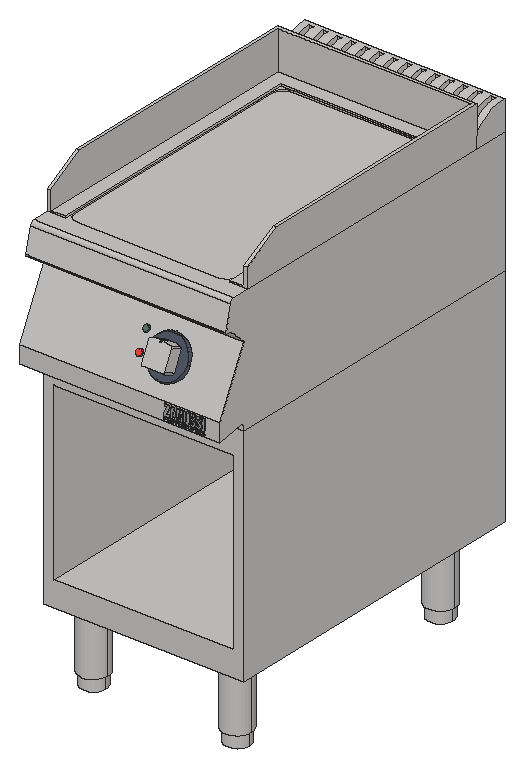
Revit family "QF_ZANUSSI_372348_Z7IIKDBLMCA", category Specialty Equipment, Revit 2018
Family settings
  Round Connector Dimension = Use Diameter
  Part Type = Normal
  Work Plane-Based = No
  Always vertical = Yes
  Cut with Voids When Loaded = No
  Shared = No
  Room Calculation Point = No
Parameters (values of type "Standard")
  Weight = 50.00 kg
  Watts = 0 W
  Volts = 400 V
  URL Manufacturer = "http://www.zanussiprofessional.com"
  URL = "http://www.zanussiprofessional.com"
  Steam Supply Size = 0"
  Steam Supply Minimum Pressure = 0.00 psi
  Steam Supply Maximum Pressure = 0.00 psi
  Steam Pounds per Hour = 0
  Show Logo [instance] = yes
  Show Clearance [instance] = yes
  Refrigeration Suction Line Size = 0"
  Refrigeration Liquid Line Size = 0"
  Refrigerant Compressor Remote = yes
  Phase = 3
  Model = "Z7IIKDBLMCA"
  Manufacturer = "Zanussi"
  Length Actual = 400.00 mm  # constant formula
  Item Number = "372348"
  Hot Water Size = 0"
  Height Actual = 850.00 mm  # constant formula
  HP = "5.6 HP"
  Gas Size = 0"
  Gas KW = 0
  Gas Input Pressure = 0.0 Btu/h
  Direct Waste Size = 0"
  Description = "ELECTRIC FRY TOP-SMOOTH PLATE+OPEN BASE 400MM-BRUSHED CHROME"
  Depth Actual = 700.00 mm  # constant formula
  Cycle = 60 Hz
  Condensate Return Size = 0"
  Compressed Air Volume = 0 GPM
  Compressed Air Size = 0"
  Compressed Air Pressure = 0.00 psi
  Cold Water Size = 0"
  Assembly Code = ""
  Accessory = yes
Reference planes
  plane 1 "BACK": y = 0
  plane 2: z = 0
  plane 3 "LEFT": x = 0
  plane 4 "RIGHT": x = 400
  plane 5 "FRONT": y = -715
  plane 6 "TOP": z = 288.925
  plane 7 "Center Y": x = 200
  plane 8 "Center X": y = -357.5
  plane 9 "BASE": z = 600
  plane 10 "TOP A": z = 850
  plane 11: y = -597.884
  plane 12: y = -147.637
  plane 13: z = 930
  plane 14: through (-6096, -715, 65.146) normal (0, 0.8956, -0.4448)
  plane 15 "panel": through (-6096, -655.161, 185.641) normal (0, -0.8956, 0.4448)
  plane 16: z = 850
Forms (mm)
  Extrusion 1, solid, material "QF_Finishes_Stainless Steel"
    sketch origin (0, 0, 576) x (0, 1, 0) y (0, 0, 1)
      loop
        line (0, 24) -> (0, 273) -> (-679.358, 273)
        arc (-679.358, 273) -> (-684.643, 270.811) -> (-686.833, 265.526) r 7.474
        line (-686.833, 265.526) -> (-699.884, 220.011)
        arc (-699.884, 220.011) -> (-699.396, 217.379) -> (-697, 216.184) r 3
        line (-697, 216.184) -> (-686.802, 216.184) -> (-654.982, 184.364) -> (-715, 64.508) -> (-715, 29.508) -> (-658.645, 37.428)
        arc (-658.645, 37.428) -> (-656.101, 36.674) -> (-655, 34.259) r 3.2
        line (-655, 34.259) -> (-655, 24) -> (0, 24)
    from 0 to 400
  Extrusion 2, void
    sketch origin (0, -2.381, 850) x (-1, 0, 0) y (0, -1, 0)
      loop
        arc (-60.425, 102.504) -> (-42.464, 109.943) -> (-35.025, 127.904) r 25.4
        line (-35.025, 127.904) -> (-35.025, 617.104)
        arc (-35.025, 617.104) -> (-42.464, 635.064) -> (-60.425, 642.504) r 25.4
        line (-60.425, 642.504) -> (-339.575, 642.504)
        arc (-339.575, 642.504) -> (-357.536, 635.064) -> (-364.975, 617.104) r 25.4
        line (-364.975, 617.104) -> (-364.975, 127.904)
        arc (-364.975, 127.904) -> (-357.536, 109.943) -> (-339.575, 102.504) r 25.4
        line (-339.575, 102.504) -> (-60.425, 102.504)
    from 0 to -3.2
  Extrusion 3, solid, material "QF_Finishes_Clearance", visible <- "Show Clearance", detail levels coarse
    sketch origin (0, 0, 575) x (1, 0, 0) y (0, 1, 0)
      loop
        line (0, -715) -> (0, 0) -> (400, 0) -> (400, -715) -> (500, -715) -> (500, 100) -> (-100, 100) -> (-100, -715) -> (0, -715)
    from -575 to 355
  Extrusion 4, solid, material "QF_Finishes_Stainless Steel"
    sketch origin (0, 0, 576) x (0, 1, 0) y (0, 0, 1)
      loop
        line (0, 274) -> (0, 333.13)
        arc (0, 333.13) -> (-38.824, 324.814) -> (-69.85, 300.038) r 86.548
        line (-69.85, 300.038) -> (-69.85, 274) -> (0, 274)
    from 0 to 400.05
  Extrusion 5, void
    sketch origin (0, 0, 850.638) x (-1, 0, 0) y (0, -1, 0)
      loop
        line (-13.453, 6.761) -> (-13.453, 63.911) -> (-22.749, 63.911) -> (-22.749, 6.761) -> (-13.453, 6.761)
    from 25.4 to 63.5
  Extrusion 6, void
    sketch origin (400.05, 0, 850.638) x (1, 0, 0) y (0, 1, 0)
      loop
        line (-13.503, -6.761) -> (-22.799, -6.761) -> (-22.799, -63.911) -> (-13.503, -63.911) -> (-13.503, -6.761)
    from 25.4 to 63.5
  Extrusion 7, void
    sketch origin (27.988, 0, 850.638) x (-1, 0, 0) y (0, -1, 0)
      loop
        line (-13.453, 6.761) -> (-13.453, 63.911) -> (-22.749, 63.911) -> (-22.749, 6.761) -> (-13.453, 6.761)
    from 25.4 to 63.5
  Extrusion 8, void
    sketch origin (55.977, 0, 850.638) x (-1, 0, 0) y (0, -1, 0)
      loop
        line (-13.453, 6.761) -> (-13.453, 63.911) -> (-22.749, 63.911) -> (-22.749, 6.761) -> (-13.453, 6.761)
    from 25.4 to 63.5
  Extrusion 9, void
    sketch origin (83.965, 0, 850.638) x (-1, 0, 0) y (0, -1, 0)
      loop
        line (-13.428, 6.761) -> (-13.428, 63.911) -> (-22.724, 63.911) -> (-22.724, 6.761) -> (-13.428, 6.761)
    from 25.4 to 63.5
  Extrusion 10, void
    sketch origin (111.953, 0, 850.638) x (-1, 0, 0) y (0, -1, 0)
      loop
        line (-13.428, 6.761) -> (-13.428, 63.911) -> (-22.724, 63.911) -> (-22.724, 6.761) -> (-13.428, 6.761)
    from 25.4 to 63.5
  Extrusion 11, void
    sketch origin (139.942, 0, 850.638) x (-1, 0, 0) y (0, -1, 0)
      loop
        line (-13.428, 6.761) -> (-13.428, 63.911) -> (-22.724, 63.911) -> (-22.724, 6.761) -> (-13.428, 6.761)
    from 25.4 to 63.5
  Extrusion 12, void
    sketch origin (167.93, 0, 850.638) x (-1, 0, 0) y (0, -1, 0)
      loop
        line (-13.428, 6.761) -> (-13.428, 63.911) -> (-22.724, 63.911) -> (-22.724, 6.761) -> (-13.428, 6.761)
    from 25.4 to 63.5
  Extrusion 13, void
    sketch origin (195.918, 0, 850.638) x (-1, 0, 0) y (0, -1, 0)
      loop
        line (-13.428, 6.761) -> (-13.428, 63.911) -> (-22.724, 63.911) -> (-22.724, 6.761) -> (-13.428, 6.761)
    from 25.4 to 63.5
  Extrusion 14, void
    sketch origin (223.907, 0, 850.638) x (-1, 0, 0) y (0, -1, 0)
      loop
        line (-13.428, 6.761) -> (-13.428, 63.911) -> (-22.724, 63.911) -> (-22.724, 6.761) -> (-13.428, 6.761)
    from 25.4 to 63.5
  Extrusion 15, void
    sketch origin (251.895, 0, 850.638) x (-1, 0, 0) y (0, -1, 0)
      loop
        line (-13.428, 6.761) -> (-13.428, 63.911) -> (-22.724, 63.911) -> (-22.724, 6.761) -> (-13.428, 6.761)
    from 25.4 to 63.5
  Extrusion 16, void
    sketch origin (279.884, 0, 850.638) x (-1, 0, 0) y (0, -1, 0)
      loop
        line (-13.403, 6.761) -> (-13.403, 63.911) -> (-22.699, 63.911) -> (-22.699, 6.761) -> (-13.403, 6.761)
    from 25.4 to 63.5
  Extrusion 17, void
    sketch origin (307.872, 0, 850.638) x (-1, 0, 0) y (0, -1, 0)
      loop
        line (-13.403, 6.761) -> (-13.403, 63.911) -> (-22.699, 63.911) -> (-22.699, 6.761) -> (-13.403, 6.761)
    from 25.4 to 63.5
  Extrusion 18, void
    sketch origin (335.86, 0, 850.638) x (-1, 0, 0) y (0, -1, 0)
      loop
        line (-13.403, 6.761) -> (-13.403, 63.911) -> (-22.699, 63.911) -> (-22.699, 6.761) -> (-13.403, 6.761)
    from 25.4 to 63.5
  Sweep 19, solid, material "QF_Finishes_Stainless Steel"
    path origin (0, -2.381, 850) x (-1, 0, 0) y (0, -1, 0)
      loop
        line (-364.975, 642.504) -> (-364.975, 102.504) -> (-35.025, 102.504) -> (-35.025, 642.504)
    profile origin (35.025, -374.885, 850) x (1, 0, 0) y (0, 0, 1)
      loop
        line (-35.025, 0) -> (0, 0) -> (0, 3.175) -> (-28.675, 3.175) -> (-28.675, 80) -> (-35.025, 80) -> (-35.025, 0)
  Extrusion 20, void
    sketch origin (0, -69.86, 850) x (0, 1, 0) y (0, 0, 1)
      loop
        line (-575.025, 40.481) -> (-501.995, 80) -> (-575.025, 80) -> (-575.025, 40.481)
    from 0 to 6.35
  Extrusion 21, void
    sketch origin (400, -644.885, 850) x (0, -1, 0) y (0, 0, 1)
      loop
        line (0, 40.481) -> (0, 80) -> (-73.03, 80) -> (0, 40.481)
    from 0 to 6.35
  Blend 22, solid, material "QF_Finishes_Navy Blue"
    base sketch origin (275, -684.991, 701.574) x (1, 0, 0) y (0, 0.444781, 0.895639)
      loop
        circle (0, 0) r 42.5
    top sketch origin (275, -684.991, 701.574) x (1, 0, 0) y (0, 0.444781, 0.895639)
      loop
        circle (0, 0) r 40.5
    from 0 to 5
  Extrusion 23, solid, material "QF_Finishes_Stainless Steel"
    sketch origin (275, -684.991, 701.574) x (1, 0, 0) y (0, 0.444781, 0.895639)
      loop
        arc (-21.147, 22.789) -> (-22.494, 21.685) -> (-23, 20.019) r 2.997
        line (-23, 20.019) -> (-23, -20.019)
        arc (-23, -20.019) -> (-22.122, -22.138) -> (-20.003, -23.016) r 2.997
        line (-20.003, -23.016) -> (20.003, -23.016)
        arc (20.003, -23.016) -> (22.122, -22.138) -> (23, -20.019) r 2.997
        line (23, -20.019) -> (23, 20.019)
        arc (23, 20.019) -> (22.494, 21.685) -> (21.147, 22.789) r 2.997
        arc (21.147, 22.789) -> (0, 26.984) -> (-21.147, 22.789) r 55.4
    from 10 to 34
  Extrusion 24, solid, material "QF_Plastic-Black-Matte"
    sketch origin (355, -684.991, 701.574) x (0, 0.444781, 0.895639) y (0, -0.895639, 0.444781)
      loop
        line (26.984, 34) -> (26.984, 19) -> (27.984, 19) -> (27.984, 34)
        arc (27.984, 34) -> (27.691, 34.707) -> (26.984, 35) r 1
        line (26.984, 35) -> (23.984, 35) -> (23.984, 34) -> (26.984, 34)
    from -81 to -79
  Extrusion 25, solid, material "QF_Finishes_Red"
    sketch origin (275, -689.439, 692.617) x (1, 0, 0) y (0, 0.444781, 0.895639)
      loop
        circle (-55.001, 0) r 6
    from 0 to 1.6
  Extrusion 26, solid, material "QF_Finishes_Stainless Steel"
    sketch origin (275, -684.991, 701.574) x (1, 0, 0) y (0, 0.444781, 0.895639)
      loop
        line (17.5, 17.5) -> (-17.5, 17.5) -> (-17.5, -17.5) -> (17.5, -17.5) -> (17.5, 17.5)
    from 5 to 10
  Extrusion 27, solid, material "QF_Finishes_DarkGreen"
    sketch origin (275, -671.648, 728.443) x (1, 0, 0) y (0, 0.444781, 0.895639)
      loop
        circle (-55.001, 0) r 6
    from 0 to 1.6
  Extrusion 28, solid, material "QF_Finishes_Stainless Steel"
    sketch origin (-399.95, 0, 139) x (1, 0, 0) y (0, 1, 0)
      loop
        circle (748, -29) r 10
      loop
        circle (748, -506) r 10
    from 0 to 10
  Extrusion 29, solid, material "QF_Finishes_Stainless Steel"
    sketch origin (0, 0, 0) x (1, 0, 0) y (0, 1, 0)
      loop
        line (0, 0) -> (0, -655) -> (400, -655) -> (400, 0) -> (0, 0)
    from 149 to 600
  Extrusion 30, void
    sketch origin (418.77, -655, 0) x (1, 0, 0) y (0, 0, -1)
      loop
        line (-398.77, -199) -> (-398.77, -550) -> (-38.77, -550) -> (-38.77, -199) -> (-398.77, -199)
    from 0 to 507.363
Cuts and joins
  Extrusion 2 cuts Extrusion 1
  Extrusion 5, Extrusion 6, Extrusion 7, Extrusion 8, Extrusion 9, Extrusion 10, Extrusion 11, Extrusion 12, Extrusion 13, Extrusion 14, Extrusion 15, Extrusion 16, Extrusion 17, Extrusion 18 cuts Extrusion 4
  Extrusion 20, Extrusion 21 cuts Sweep 19
  Extrusion 30 cuts Extrusion 29
Lines and regions (mm)
  Split face 1
    outline origin (276.664, -684.796, 713.208) x (1, 0, 0) y (0, 0.444781, 0.895639)
      loop
        circle (-34, 0) r 1.5
  Split face 2
    outline origin (273.297, -687.581, 707.6) x (1, 0, 0) y (0, 0.444781, 0.895639)
      loop
        circle (-30.633, -14.752) r 1.5
  Split face 3
    outline origin (276.214, -689.88, 702.97) x (1, 0, 0) y (0, 0.444781, 0.895639)
      loop
        circle (-21.199, -26.582) r 1.5
  Split face 4
    outline origin (282.566, -689.848, 703.034) x (1, 0, 0) y (0, 0.444781, 0.895639)
      loop
        circle (-7.566, -33.148) r 1.5
  Split face 5
    outline origin (287.419, -686.96, 708.85) x (1, 0, 0) y (0, 0.444781, 0.895639)
      loop
        circle (7.566, -33.148) r 1.5
  Split face 6
    outline origin (286.137, -682.319, 718.196) x (1, 0, 0) y (0, 0.444781, 0.895639)
      loop
        circle (21.199, -26.582) r 1.5
  Split face 7
    outline origin (276.5, -678.264, 726.361) x (1, 0, 0) y (0, 0.444781, 0.895639)
      loop
        circle (30.633, -14.752) r 1.5
  Split face 8
    outline origin (260.985, -677.235, 728.433) x (1, 0, 0) y (0, 0.444781, 0.895639)
      loop
        circle (34, 0) r 1.5
  Split face 9
    outline origin (275, -689.469, 703.797) x (1, 0, 0) y (0, 0.444781, 0.895639)
      loop
        circle (0, 33.561) r 1.5
  symbolic lines, style "QF-Clearances", visible <- "Show Clearance", detail levels coarse
    curve 1: line (-100, 100, 850) -> (-100, -715, 850)
    curve 2: line (500, 100, 850) -> (-100, 100, 850)
    curve 3: line (500, -716.377, 850) -> (500, 100, 850)
  symbolic lines
    curve 4: line (0, 0, 850) -> (400, 0, 850)
    curve 5: line (0, -715, 850) -> (0, 0, 850)
    curve 6: line (400, 0, 850) -> (400, -715, 850)
    curve 7: line (35.025, -130.285, 850) -> (35.025, -644.885, 850)
    curve 8: arc (35.025, -619.485, 850) -> (42.464, -637.445, 850) -> (60.425, -644.885, 850) r 25.4
    curve 9: line (0, -644.885, 850) -> (35.025, -644.885, 850)
    curve 10: arc (339.575, -644.885, 850) -> (357.536, -637.445, 850) -> (364.975, -619.485, 850) r 25.4
    curve 11: line (364.975, -644.885, 850) -> (364.975, -130.285, 850)
    curve 12: line (339.575, -104.885, 850) -> (60.425, -104.885, 850)
    curve 13: line (0, -69.85, 850) -> (400, -69.85, 850)
    curve 14: arc (60.425, -104.885, 850) -> (42.464, -112.324, 850) -> (35.025, -130.285, 850) r 25.4
    curve 15: arc (339.575, -104.885, 850) -> (357.536, -112.324, 850) -> (364.975, -130.285, 850) r 25.4
    curve 16: line (6.35, -76.21, 850) -> (6.35, -644.885, 850)
    curve 17: line (6.35, -76.21, 850) -> (393.65, -76.21, 850)
    curve 18: line (393.65, -76.21, 850) -> (393.65, -644.885, 850)
    curve 19: line (13.428, -6.761, 850) -> (22.724, -6.761, 850)
    curve 20: line (13.428, -63.911, 850) -> (13.428, -6.761, 850)
    curve 21: line (22.724, -63.911, 850) -> (13.428, -63.911, 850)
    curve 22: line (22.724, -6.761, 850) -> (22.724, -63.911, 850)
    curve 23: line (41.416, -6.761, 850) -> (50.712, -6.761, 850)
    curve 24: line (41.416, -63.911, 850) -> (41.416, -6.761, 850)
    curve 25: line (50.712, -63.911, 850) -> (41.416, -63.911, 850)
    curve 26: line (50.712, -6.761, 850) -> (50.712, -63.911, 850)
    curve 27: line (69.405, -6.761, 850) -> (78.7, -6.761, 850)
    curve 28: line (69.405, -63.911, 850) -> (69.405, -6.761, 850)
    curve 29: line (78.7, -63.911, 850) -> (69.405, -63.911, 850)
    curve 30: line (78.7, -6.761, 850) -> (78.7, -63.911, 850)
    curve 31: line (97.393, -6.761, 850) -> (106.689, -6.761, 850)
    curve 32: line (97.393, -63.911, 850) -> (97.393, -6.761, 850)
    curve 33: line (106.689, -63.911, 850) -> (97.393, -63.911, 850)
    curve 34: line (106.689, -6.761, 850) -> (106.689, -63.911, 850)
    curve 35: line (125.381, -6.761, 850) -> (134.677, -6.761, 850)
    curve 36: line (125.381, -63.911, 850) -> (125.381, -6.761, 850)
    curve 37: line (134.677, -63.911, 850) -> (125.381, -63.911, 850)
    curve 38: line (134.677, -6.761, 850) -> (134.677, -63.911, 850)
    curve 39: line (153.37, -6.761, 850) -> (162.665, -6.761, 850)
    curve 40: line (153.37, -63.911, 850) -> (153.37, -6.761, 850)
    curve 41: line (162.665, -63.911, 850) -> (153.37, -63.911, 850)
    curve 42: line (162.665, -6.761, 850) -> (162.665, -63.911, 850)
    curve 43: line (181.358, -6.761, 850) -> (190.654, -6.761, 850)
    curve 44: line (181.358, -63.911, 850) -> (181.358, -6.761, 850)
    curve 45: line (190.654, -63.911, 850) -> (181.358, -63.911, 850)
    curve 46: line (190.654, -6.761, 850) -> (190.654, -63.911, 850)
    curve 47: line (209.346, -6.761, 850) -> (218.642, -6.761, 850)
    curve 48: line (209.346, -63.911, 850) -> (209.346, -6.761, 850)
    curve 49: line (218.642, -63.911, 850) -> (209.346, -63.911, 850)
    curve 50: line (218.642, -6.761, 850) -> (218.642, -63.911, 850)
    curve 51: line (237.31, -6.761, 850) -> (246.605, -6.761, 850)
    curve 52: line (237.31, -63.911, 850) -> (237.31, -6.761, 850)
    curve 53: line (246.605, -63.911, 850) -> (237.31, -63.911, 850)
    curve 54: line (246.605, -6.761, 850) -> (246.605, -63.911, 850)
    curve 55: line (265.298, -6.761, 850) -> (274.594, -6.761, 850)
    curve 56: line (265.298, -63.911, 850) -> (265.298, -6.761, 850)
    curve 57: line (274.594, -63.911, 850) -> (265.298, -63.911, 850)
    curve 58: line (274.594, -6.761, 850) -> (274.594, -63.911, 850)
    curve 59: line (293.286, -6.761, 850) -> (302.582, -6.761, 850)
    curve 60: line (293.286, -63.911, 850) -> (293.286, -6.761, 850)
    curve 61: line (302.582, -63.911, 850) -> (293.286, -63.911, 850)
    curve 62: line (302.582, -6.761, 850) -> (302.582, -63.911, 850)
    curve 63: line (321.275, -6.761, 850) -> (330.57, -6.761, 850)
    curve 64: line (321.275, -63.911, 850) -> (321.275, -6.761, 850)
    curve 65: line (330.57, -63.911, 850) -> (321.275, -63.911, 850)
    curve 66: line (330.57, -6.761, 850) -> (330.57, -63.911, 850)
    curve 67: line (349.263, -6.761, 850) -> (358.559, -6.761, 850)
    curve 68: line (349.263, -63.911, 850) -> (349.263, -6.761, 850)
    curve 69: line (358.559, -63.911, 850) -> (349.263, -63.911, 850)
    curve 70: line (358.559, -6.761, 850) -> (358.559, -63.911, 850)
    curve 71: line (377.251, -6.761, 850) -> (386.547, -6.761, 850)
    curve 72: line (377.251, -63.911, 850) -> (377.251, -6.761, 850)
    curve 73: line (386.547, -63.911, 850) -> (377.251, -63.911, 850)
    curve 74: line (386.547, -6.761, 850) -> (386.547, -63.911, 850)
    curve 75: line (364.975, -644.885, 850) -> (400, -644.885, 850)
    curve 76: line (60.425, -644.885, 850) -> (339.575, -644.885, 850)
    curve 77: line (0.05, -700, 0) -> (400, -700, 0)
    curve 78: line (298.025, -700, 0) -> (298.025, -724.347, 0)
    curve 79: arc (298.025, -724.347, 0) -> (297.879, -724.811, 0) -> (297.493, -725.107, 0) r 0.809
    curve 80: arc (297.493, -725.107, 0) -> (296.305, -725.587, 0) -> (295.028, -725.68, 0) r 4.127
    curve 81: arc (298.025, -704.292, 0) -> (303.066, -702.458, 0) -> (307.834, -700, 0) r 42.24
    curve 82: arc (298.025, -706.539, 0) -> (297.523, -705.818, 0) -> (296.726, -705.448, 0) r 1.682
    curve 83: arc (296.726, -705.448, 0) -> (286.423, -703.95, 0) -> (276.025, -703.441, 0) r 109.079
    curve 84: line (276.025, -700, 0) -> (276.025, -705.671, 0)
    curve 85: line (276.025, -705.671, 0) -> (274.025, -705.671, 0)
    curve 86: line (274.025, -705.671, 0) -> (274.025, -700, 0)
    curve 87: line (252.025, -700, 0) -> (252.025, -724.347, 0)
    curve 88: arc (252.025, -724.347, 0) -> (252.171, -724.811, 0) -> (252.557, -725.107, 0) r 0.809
    curve 89: arc (252.557, -725.107, 0) -> (253.745, -725.587, 0) -> (255.022, -725.68, 0) r 4.127
    curve 90: arc (252.025, -704.292, 0) -> (246.984, -702.458, 0) -> (242.216, -700, 0) r 42.24
    curve 91: arc (252.025, -706.539, 0) -> (252.527, -705.818, 0) -> (253.324, -705.448, 0) r 1.682
    curve 92: arc (253.324, -705.448, 0) -> (263.627, -703.95, 0) -> (274.025, -703.441, 0) r 109.079
    curve 93: line (295.028, -725.68, 0) -> (255.022, -725.68, 0)
    curve 94: line (0, -715, 0) -> (252.025, -715, 0)
    curve 95: line (298.025, -715, 0) -> (400, -715, 0)
  symbolic lines, style "QF-Clearances"
    curve 96: line (-100, -715, 0) -> (0, -715, 0)
    curve 97: line (400, -715, 0) -> (500, -715, 0)
Dimensions and locks
  equal spacing: plane 3 "LEFT", plane 7 "Center Y", plane 4 "RIGHT"
  plane 3 "LEFT" to plane 4 "RIGHT" = 400.00 mm
  equal spacing: plane 5 "FRONT", plane 8 "Center X", plane 1 "BACK"
  plane 5 "FRONT" to plane 1 "BACK" = 715.00 mm
  plane 1 "BACK" to plane 5 "FRONT" = 715.00 mm
  Sweep 19 sketch curve to level = 930.00 mm
  plane 10 "TOP A" to plane 9 "BASE" = 250.00 mm  (x2)
  plane 9 "BASE" to level = 600.00 mm
  plane 13 to level = 930.00 mm
  plane 16 to level = 850.00 mm
  nested 3 to plane 3 "LEFT" = 56.00 mm
  nested 4 to nested 3 = 288.00 mm
  cut or joined group of Extrusion 29, Extrusion 30 to Extrusion 3 = 149.00 mm
  plane 16 to cut or joined group of Extrusion 29, Extrusion 30 = 701.00 mm
  aligned and locked: level to plane 2
  aligned and locked: plane 4 "RIGHT" to Extrusion 1
  aligned: plane 6 "TOP" to Extrusion 3
  aligned and locked: plane 13 to Extrusion 3
Automatic sketch dimensions
  plane 1 "BACK" to Extrusion 9 sketch curve = 6.761 mm
  Extrusion 9 sketch curve to plane 7 "Center Y" = 93.311 mm
  Extrusion 9 sketch curve to Extrusion 9 sketch curve = 9.296 mm
  Extrusion 9 sketch curve to Extrusion 9 sketch curve = 57.15 mm
  plane 1 "BACK" to Extrusion 10 sketch curve = 6.761 mm
  Extrusion 10 sketch curve to plane 7 "Center Y" = 65.323 mm
  Extrusion 10 sketch curve to Extrusion 10 sketch curve = 9.296 mm
  Extrusion 10 sketch curve to Extrusion 10 sketch curve = 57.15 mm
  plane 1 "BACK" to Extrusion 11 sketch curve = 6.761 mm
  Extrusion 11 sketch curve to plane 7 "Center Y" = 37.335 mm
  Extrusion 11 sketch curve to Extrusion 11 sketch curve = 9.296 mm
  Extrusion 11 sketch curve to Extrusion 11 sketch curve = 57.15 mm
  Extrusion 12 sketch curve to plane 7 "Center Y" = 9.346 mm
  Extrusion 12 sketch curve to Extrusion 12 sketch curve = 9.296 mm
  plane 1 "BACK" to Extrusion 12 sketch curve = 6.761 mm
  Extrusion 12 sketch curve to Extrusion 12 sketch curve = 57.15 mm
  plane 1 "BACK" to Extrusion 13 sketch curve = 6.761 mm
  plane 7 "Center Y" to Extrusion 13 sketch curve = 18.642 mm
  Extrusion 13 sketch curve to Extrusion 13 sketch curve = 9.296 mm
  Extrusion 13 sketch curve to Extrusion 13 sketch curve = 57.15 mm
  plane 1 "BACK" to Extrusion 14 sketch curve = 6.761 mm
  plane 7 "Center Y" to Extrusion 14 sketch curve = 46.63 mm
  Extrusion 14 sketch curve to Extrusion 14 sketch curve = 9.296 mm
  Extrusion 14 sketch curve to Extrusion 14 sketch curve = 57.15 mm
  plane 1 "BACK" to Extrusion 15 sketch curve = 6.761 mm
  plane 7 "Center Y" to Extrusion 15 sketch curve = 74.619 mm
  Extrusion 15 sketch curve to Extrusion 15 sketch curve = 9.296 mm
  Extrusion 15 sketch curve to Extrusion 15 sketch curve = 57.15 mm
  Extrusion 2 sketch curve to plane 4 "RIGHT" = 35.025 mm
  Extrusion 2 sketch curve to Extrusion 2 sketch curve = 25.40 mm  (x3)
  Extrusion 2 sketch curve to plane 12 = 17.353 mm
  plane 3 "LEFT" to Extrusion 2 sketch curve = 60.425 mm  (x2)
  plane 11 to Extrusion 2 sketch curve = 21.60 mm
  plane 1 "BACK" to Extrusion 3 sketch curve = 0.00 mm
  Extrusion 3 sketch curve to plane 3 "LEFT" = 0.00 mm
  Extrusion 3 sketch curve to plane 4 "RIGHT" = 0.00 mm
  Extrusion 3 sketch curve to plane 3 "LEFT" = 100.00 mm
  plane 5 "FRONT" to Extrusion 3 sketch curve = 0.00 mm  (x2)
  plane 4 "RIGHT" to Extrusion 3 sketch curve = 100.00 mm
  Extrusion 3 sketch curve to plane 1 "BACK" = 100.00 mm
  Extrusion 4 sketch curve to plane 10 "TOP A" = 0.00 mm
  Extrusion 4 sketch curve to plane 1 "BACK" = 0.00 mm
  plane 1 "BACK" to Extrusion 4 sketch curve = 1.769 mm
  plane 6 "TOP" to Extrusion 4 sketch curve = 587.113 mm
  plane 1 "BACK" to Extrusion 4 sketch curve = 69.85 mm
  Extrusion 4 sketch curve to plane 10 "TOP A" = 27.40 mm
  plane 1 "BACK" to Extrusion 5 sketch curve = 6.761 mm
  plane 3 "LEFT" to Extrusion 5 sketch curve = 22.749 mm
  Extrusion 5 sketch curve to Extrusion 5 sketch curve = 9.296 mm
  Extrusion 5 sketch curve to Extrusion 5 sketch curve = 57.15 mm
  Extrusion 6 sketch curve to plane 1 "BACK" = 6.761 mm
  plane 4 "RIGHT" to Extrusion 6 sketch curve = 22.749 mm
  Extrusion 6 sketch curve to Extrusion 6 sketch curve = 9.296 mm
  Extrusion 6 sketch curve to Extrusion 6 sketch curve = 57.15 mm
  plane 1 "BACK" to Extrusion 7 sketch curve = 6.761 mm
  plane 3 "LEFT" to Extrusion 7 sketch curve = 50.737 mm
  Extrusion 7 sketch curve to Extrusion 7 sketch curve = 9.296 mm
  Extrusion 7 sketch curve to Extrusion 7 sketch curve = 57.15 mm
  plane 1 "BACK" to Extrusion 8 sketch curve = 6.761 mm
  plane 3 "LEFT" to Extrusion 8 sketch curve = 78.725 mm
  Extrusion 8 sketch curve to Extrusion 8 sketch curve = 9.296 mm
  Extrusion 8 sketch curve to Extrusion 8 sketch curve = 57.15 mm
  plane 1 "BACK" to Extrusion 16 sketch curve = 6.761 mm
  Extrusion 16 sketch curve to plane 4 "RIGHT" = 97.418 mm
  Extrusion 16 sketch curve to Extrusion 16 sketch curve = 9.296 mm
  Extrusion 16 sketch curve to Extrusion 16 sketch curve = 57.15 mm
  plane 1 "BACK" to Extrusion 17 sketch curve = 6.761 mm
  Extrusion 17 sketch curve to plane 4 "RIGHT" = 69.43 mm
  Extrusion 17 sketch curve to Extrusion 17 sketch curve = 9.296 mm
  Extrusion 17 sketch curve to Extrusion 17 sketch curve = 57.15 mm
  plane 1 "BACK" to Extrusion 18 sketch curve = 6.761 mm
  Extrusion 18 sketch curve to plane 4 "RIGHT" = 41.441 mm
  Extrusion 18 sketch curve to Extrusion 18 sketch curve = 9.296 mm
  Extrusion 18 sketch curve to Extrusion 18 sketch curve = 57.15 mm
  Sweep 19 sketch curve to plane 4 "RIGHT" = 35.025 mm
  plane 3 "LEFT" to Sweep 19 sketch curve = 35.025 mm
  Sweep 19 sketch curve to plane 12 = 42.753 mm
  plane 11 to Sweep 19 sketch curve = 47.00 mm  (x2)
  Extrusion 20 sketch curve to Sweep 19 = 0.00 mm  (x2)
  Extrusion 20 sketch curve to Extrusion 20 sketch curve = 73.03 mm
  Extrusion 20 sketch curve to Sweep 19 = 40.481 mm
  Sweep 19 to Extrusion 21 sketch curve = 0.00 mm
  Extrusion 21 sketch curve to Sweep 19 = 0.00 mm
  Extrusion 21 sketch curve to Extrusion 21 sketch curve = 73.03 mm
  Extrusion 21 sketch curve to Sweep 19 = 40.481 mm
  plane 11 to Extrusion 1 sketch curve = 117.116 mm
  plane 11 to Extrusion 1 sketch curve = 101.999 mm
  Extrusion 1 sketch curve to Extrusion 1 sketch curve = 2.884 mm
  Extrusion 1 sketch curve to Extrusion 1 sketch curve = 13.051 mm
  Extrusion 1 sketch curve to Extrusion 1 sketch curve = 10.198 mm
  Extrusion 1 sketch curve to Extrusion 1 sketch curve = 7.474 mm
  Extrusion 1 sketch curve to Extrusion 1 sketch curve = 56.355 mm
  Extrusion 1 sketch curve to Extrusion 1 sketch curve = 0.445 mm
  Extrusion 1 sketch curve to Extrusion 1 sketch curve = 3.20 mm
  Extrusion 1 sketch curve to plane 13 = 169.636 mm
  Extrusion 1 sketch curve to Extrusion 1 sketch curve = 31.82 mm
  Extrusion 1 sketch curve to plane 10 "TOP A" = 209.492 mm
  Extrusion 1 sketch curve to Extrusion 1 sketch curve = 27.08 mm
  Extrusion 1 sketch curve to Extrusion 1 sketch curve = 35.00 mm
  Extrusion 1 sketch curve to plane 13 = 137.816 mm
  Extrusion 1 sketch curve to Extrusion 1 sketch curve = 3.00 mm
  Extrusion 1 sketch curve to Extrusion 1 sketch curve = 46.342 mm
  plane 3 "LEFT" to Blend 22 sketch curve = 275.00 mm  (x2)
  plane 3 "LEFT" to Extrusion 23 sketch curve = 252.00 mm
  Extrusion 23 sketch curve to Extrusion 23 sketch curve = 2.997 mm  (x3)
  Extrusion 23 sketch curve to Extrusion 23 sketch curve = 20.003 mm  (x2)
  Extrusion 23 sketch curve to Extrusion 23 sketch curve = 40.005 mm
  Extrusion 23 sketch curve to Extrusion 23 sketch curve = 5.399 mm
  Extrusion 23 sketch curve to Extrusion 23 sketch curve = 40.037 mm
  Extrusion 23 sketch curve to Extrusion 23 sketch curve = 0.00 mm  (x2)
  Extrusion 24 sketch curve to plane 14 = 291.194 mm
  Extrusion 24 sketch curve to plane 5 "FRONT" = 9.329 mm
  Extrusion 24 sketch curve to Extrusion 24 sketch curve = 3.00 mm
  Extrusion 24 sketch curve to Extrusion 24 sketch curve = 0.00 mm  (x2)
  Extrusion 24 sketch curve to Extrusion 24 sketch curve = 1.00 mm
  Extrusion 24 sketch curve to Extrusion 24 sketch curve = 15.00 mm
  plane 3 "LEFT" to Extrusion 25 sketch curve = 219.999 mm
  plane 3 "LEFT" to Extrusion 26 sketch curve = 257.50 mm
  Extrusion 26 sketch curve to Extrusion 26 sketch curve = 35.00 mm  (x2)
  plane 3 "LEFT" to Extrusion 27 sketch curve = 219.999 mm
  Extrusion 1 sketch curve to plane 9 "BASE" = 0.00 mm
  Extrusion 1 sketch curve to plane 1 "BACK" = 0.00 mm
  curve 6 to plane 4 "RIGHT" = 0.00 mm
  plane 1 "BACK" to curve 5 = 0.00 mm
  curve 5 to plane 3 "LEFT" = 0.00 mm
  plane 5 "FRONT" to curve 1 = 0.00 mm
  plane 5 "FRONT" to curve 5 = 0.00 mm
  plane 5 "FRONT" to curve 6 = 0.00 mm
  plane 4 "RIGHT" to curve 3 = 100.00 mm
  curve 17 to plane 4 "RIGHT" = 6.35 mm
  curve 74 to plane 4 "RIGHT" = 13.453 mm
  curve 73 to curve 72 = 9.296 mm
  curve 18 to curve 11 = 28.675 mm
  plane 1 "BACK" to curve 67 = 6.761 mm
  curve 71 to curve 67 = 18.693 mm
  curve 69 to curve 68 = 9.296 mm
  curve 11 to curve 15 = 25.40 mm
  curve 11 to curve 76 = 25.40 mm
  curve 68 to curve 66 = 18.693 mm
  curve 65 to curve 64 = 9.296 mm
  curve 64 to curve 62 = 18.693 mm
  curve 61 to curve 60 = 9.296 mm
  curve 60 to curve 58 = 18.693 mm
  curve 57 to curve 56 = 9.296 mm
  curve 56 to curve 54 = 18.693 mm
  curve 53 to curve 52 = 9.296 mm
  plane 7 "Center Y" to curve 50 = 18.642 mm
  curve 47 to curve 48 = 9.296 mm
  curve 46 to plane 7 "Center Y" = 9.346 mm
  curve 45 to curve 45 = 9.296 mm
  curve 44 to curve 42 = 18.693 mm
  curve 41 to curve 40 = 9.296 mm
  plane 1 "BACK" to curve 38 = 6.761 mm
  curve 39 to curve 38 = 18.693 mm
  curve 35 to curve 36 = 9.296 mm
  curve 36 to curve 34 = 18.693 mm
  curve 33 to curve 32 = 9.296 mm
  curve 32 to curve 30 = 18.693 mm
  curve 29 to curve 28 = 9.296 mm
  curve 14 to plane 12 = 17.353 mm
  plane 3 "LEFT" to curve 14 = 60.425 mm
  plane 11 to curve 8 = 21.60 mm
  plane 3 "LEFT" to curve 8 = 60.425 mm
  plane 1 "BACK" to curve 23 = 6.761 mm
  curve 27 to curve 23 = 18.693 mm
  curve 23 to curve 23 = 9.296 mm
  curve 8 to curve 7 = 25.40 mm
  plane 1 "BACK" to curve 22 = 6.761 mm
  curve 23 to curve 22 = 18.693 mm
  curve 19 to curve 20 = 9.296 mm
  plane 3 "LEFT" to curve 17 = 6.35 mm
  curve 2 to plane 3 "LEFT" = 100.00 mm
  curve 2 to plane 1 "BACK" = 100.00 mm
  plane 1 "BACK" to curve 71 = 6.761 mm
  plane 1 "BACK" to curve 66 = 6.761 mm
  plane 1 "BACK" to curve 62 = 6.761 mm
  plane 1 "BACK" to curve 58 = 6.761 mm
  plane 1 "BACK" to curve 54 = 6.761 mm
  plane 1 "BACK" to curve 50 = 6.761 mm
  plane 1 "BACK" to curve 46 = 6.761 mm
  plane 1 "BACK" to curve 42 = 6.761 mm
  plane 1 "BACK" to curve 27 = 6.761 mm
  plane 1 "BACK" to curve 34 = 6.761 mm
  curve 30 to curve 12 = 40.974 mm
  curve 29 to curve 32 = 0.00 mm
  curve 26 to curve 28 = 0.00 mm
  curve 33 to curve 36 = 0.00 mm
  curve 22 to curve 24 = 0.00 mm
  curve 37 to curve 40 = 0.00 mm
  curve 71 to curve 74 = 57.15 mm
  curve 68 to curve 72 = 0.00 mm
  curve 41 to curve 44 = 0.00 mm
  curve 65 to curve 68 = 0.00 mm
  curve 45 to curve 48 = 0.00 mm
  curve 62 to curve 64 = 0.00 mm
  curve 49 to curve 52 = 0.00 mm
  curve 53 to curve 56 = 0.00 mm
  curve 20 to curve 17 = 12.299 mm
  curve 9 to curve 8 = 0.00 mm
  curve 10 to curve 75 = 25.40 mm
  curve 13 to curve 16 = 6.36 mm
  plane 5 "FRONT" to curve 3 = 1.377 mm
  plane 5 "FRONT" to curve 96 = 0.00 mm
  curve 96 to plane 3 "LEFT" = 0.00 mm
  plane 5 "FRONT" to curve 95 = 0.00 mm
  curve 77 to plane 4 "RIGHT" = 0.00 mm
  curve 95 to plane 4 "RIGHT" = 0.00 mm
  plane 5 "FRONT" to curve 87 = 9.347 mm
  plane 7 "Center Y" to curve 87 = 52.025 mm
  curve 87 to curve 88 = 0.809 mm
  curve 91 to curve 91 = 1.583 mm
  curve 88 to curve 89 = 1.846 mm
  curve 88 to curve 93 = 2.189 mm
  curve 87 to curve 90 = 11.892 mm
  curve 85 to plane 5 "FRONT" = 9.329 mm
  curve 91 to curve 85 = 20.417 mm
  plane 7 "Center Y" to curve 92 = 74.156 mm
  curve 92 to curve 83 = 1.738 mm
  curve 85 to curve 84 = 2.00 mm
  curve 90 to curve 81 = 22.215 mm
  curve 84 to curve 93 = 19.003 mm
  curve 93 to curve 80 = 0.343 mm
  curve 80 to curve 82 = 1.071 mm
  curve 93 to curve 79 = 2.189 mm
  curve 79 to curve 78 = 0.809 mm
  plane 5 "FRONT" to curve 79 = 9.347 mm
  curve 93 to curve 88 = 1.333 mm
  curve 83 to curve 80 = 86.839 mm
  curve 92 to curve 83 = 0.00 mm
  curve 79 to curve 80 = 2.779 mm
  curve 88 to curve 89 = 2.779 mm
  curve 91 to plane 5 "FRONT" = 7.894 mm
  curve 82 to plane 5 "FRONT" = 7.894 mm
  curve 85 to curve 90 = 41.91 mm
  curve 90 to curve 81 = 0.00 mm
  curve 96 to plane 3 "LEFT" = 100.00 mm
  plane 3 "LEFT" to curve 77 = 0.05 mm
  curve 90 to curve 87 = 9.809 mm
  curve 91 to curve 91 = 0.284 mm
  curve 82 to curve 82 = 0.284 mm
  curve 78 to curve 81 = 9.809 mm
  plane 4 "RIGHT" to curve 97 = 100.00 mm
  curve 91 to curve 91 = 0.567 mm
  curve 82 to curve 82 = 0.567 mm
  curve 92 to curve 90 = 1.156 mm
  Extrusion 28 sketch curve to plane 8 "Center X" = 148.50 mm
  Extrusion 28 sketch curve to plane 4 "RIGHT" = 51.95 mm
  plane 1 "BACK" to Extrusion 28 sketch curve = 29.00 mm
  Extrusion 28 sketch curve to Extrusion 28 sketch curve = 0.00 mm
  Extrusion 29 sketch curve to plane 3 "LEFT" = 0.00 mm
  Extrusion 29 sketch curve to plane 4 "RIGHT" = 0.00 mm
  Extrusion 29 sketch curve to plane 5 "FRONT" = 60.00 mm
  plane 1 "BACK" to Extrusion 29 sketch curve = 0.00 mm
  Extrusion 30 sketch curve to Extrusion 29 = 50.00 mm  (x2)
  Extrusion 29 to Extrusion 30 sketch curve = 20.00 mm
  Extrusion 30 sketch curve to Extrusion 29 = 20.00 mm
  Sweep 19 sketch curve to profile plane = 0.00 mm
  profile plane to Sweep 19 sketch curve = 0.00 mm
  profile plane to Sweep 19 sketch curve = 28.675 mm
  Sweep 19 sketch curve to Sweep 19 sketch curve = 6.35 mm
  profile plane to Sweep 19 sketch curve = 3.175 mm
  radius of Blend 22 sketch curve = 42.50 mm
  radius of Blend 22 sketch curve = 40.50 mm
  radius of Extrusion 25 sketch curve = 6.00 mm
  radius of Split face 1 sketch curve = 1.50 mm
  radius of Split face 2 sketch curve = 1.50 mm
  radius of Split face 3 sketch curve = 1.50 mm
  radius of Split face 4 sketch curve = 1.50 mm
  radius of Split face 5 sketch curve = 1.50 mm
  radius of Split face 6 sketch curve = 1.50 mm
  radius of Split face 7 sketch curve = 1.50 mm
  radius of Split face 8 sketch curve = 1.50 mm
  radius of Split face 9 sketch curve = 1.50 mm
  radius of Extrusion 27 sketch curve = 6.00 mm
  radius of Extrusion 28 sketch curve = 10.00 mm  (x2)
Nested families
  nested 1: "Foot H200" at (56, -91, 0), type "Foot H200"
  nested 2: "Foot H200" at (344, -91, 0) x (-1, 0, 0) z (0, 0, 1), type "Foot H200"
  nested 3: "Foot H200" at (56, -600, 0), type "Foot H200"
  nested 4: "Foot H200" at (344, -600, 0) x (-1, 0, 0) z (0, 0, 1), type "Foot H200"
  nested 5: "ZAN_Logo_S_Grey_Professional" at (331.25, -715, 629) x (1, 0, 0) z (0, -1, 0), type "ZAN_Logo_S_Grey_Professional"
Connectors
  electrical at (348.05, -29, 139)
    settings: on Extrusion 28, index 3, voltage 0 V, apparent load 0 VA, apparent load phase1 0 VA, apparent load phase2 0 VA, apparent load phase3 0 VA, power factor 1, load classification "Altro", number of poles 1, system type 30, power factor state 1, is connector primary yes, connector utility no, sub classification motor no, connector description ""
  electrical at (348.05, -506, 139)
    settings: on Extrusion 28, index 4, voltage 0 V, apparent load 0 VA, apparent load phase1 0 VA, apparent load phase2 0 VA, apparent load phase3 0 VA, power factor 1, load classification "Altro", number of poles 1, system type 30, power factor state 1, is connector primary no, connector utility no, sub classification motor no, connector description ""
Definition of nested family "Foot H200"
  Reference planes
    plane 1 "Centro (Fronte/Retro)": y = 0
    plane 2: z = 0
    plane 3 "Centro (Sinistra/Destra)": x = 0
    plane 4: z = 149
  Forms (mm)
    Revolve 1, solid
      sketch origin (255.05, 0, 608.09) x (0, 0, 1) y (-1, 0, 0)
        loop
          line (-608.09, 255.05) -> (-608.09, 230.05) -> (-583.09, 230.05) -> (-583.09, 226.05) -> (-459.09, 226.05) -> (-459.09, 255.05) -> (-608.09, 255.05)
        axis (-608.09, 255.05) -> (-459.09, 255.05)
      angle from 0 to 360
  Dimensions and locks
    Revolve 1 sketch curve to Revolve 1 sketch curve = 124.00 mm
    plane 4 to level = 149.00 mm
    aligned and locked: level to plane 2
    aligned and locked: plane 4 to Revolve 1 sketch curve
    aligned and locked: Revolve 1 sketch curve to level
    aligned and locked: plane 3 "Centro (Sinistra/Destra)" to Revolve 1 sketch curve
Definition of nested family "ZAN_Logo_S_Grey_Professional"
  Parameters (values of type "ZAN_Logo_S_Grey_Professional")
    Default Elevation = 0.00 mm
    Materiale = none
  Reference planes
    plane 1 "Centro (Fronte/Retro)": y = 0
    plane 2: z = 0
    plane 3 "Centro (Sinistra/Destra)": x = 0
  Forms (mm)
    Extrusion 1, solid
      sketch origin (0, 0, 0) x (1, 0, 0) y (0, 1, 0)
        loop
          line (-1219.2, 1219.2) -> (-1219.2, -1219.2) -> (1219.2, -1219.2) -> (1219.2, 1219.2) -> (-1219.2, 1219.2)
      from 0 to -304.8
    Extrusion 2, solid, material <- "Materiale"
      sketch origin (17.793, -46.218, 0) x (-1, 0, 0) y (0, -1, 0)
        loop
          spline (-1.644, -54.786) -> (-1.034, -55.008) -> (-0.403, -55.173) -> (0.241, -55.279) -> (0.893, -55.327) -> (1.547, -55.314) -> (2.197, -55.242) -> (2.836, -55.109) -> (3.458, -54.916) -> (4.058, -54.662) -> (4.629, -54.345) -> (5.165, -53.967) -> (5.66, -53.526)
          spline (5.66, -53.526) -> (5.954, -53.066) -> (6.206, -52.57) -> (6.417, -52.047) -> (6.588, -51.502) -> (6.718, -50.944) -> (6.809, -50.378) -> (6.86, -49.813) -> (6.872, -49.254) -> (6.846, -48.71) -> (6.782, -48.186) -> (6.68, -47.691) -> (6.541, -47.23)
          line (6.541, -47.23) -> (4.526, -44.334) -> (2.386, -42.445)
          spline (2.386, -42.445) -> (2.16, -42.258) -> (1.927, -42.074) -> (1.689, -41.89) -> (1.448, -41.703) -> (1.207, -41.512) -> (0.969, -41.312) -> (0.736, -41.101) -> (0.511, -40.878) -> (0.296, -40.639) -> (0.095, -40.381) -> (-0.091, -40.103) -> (-0.259, -39.8)
          spline (-0.259, -39.8) -> (-0.29, -39.607) -> (-0.318, -39.405) -> (-0.339, -39.197) -> (-0.352, -38.984) -> (-0.352, -38.771) -> (-0.337, -38.557) -> (-0.304, -38.346) -> (-0.249, -38.14) -> (-0.17, -37.941) -> (-0.063, -37.751) -> (0.074, -37.573) -> (0.245, -37.408)
          line (0.245, -37.408) -> (1.882, -37.282)
          spline (1.882, -37.282) -> (2.188, -37.491) -> (2.42, -37.736) -> (2.586, -38.012) -> (2.698, -38.313) -> (2.765, -38.633) -> (2.795, -38.966) -> (2.799, -39.308) -> (2.787, -39.651) -> (2.767, -39.991) -> (2.751, -40.322) -> (2.746, -40.638) -> (2.763, -40.934)
          line (2.763, -40.934) -> (7.171, -40.934)
          spline (7.171, -40.934) -> (7.223, -40.399) -> (7.252, -39.866) -> (7.257, -39.336) -> (7.236, -38.812) -> (7.187, -38.295) -> (7.108, -37.786) -> (6.997, -37.288) -> (6.854, -36.802) -> (6.675, -36.33) -> (6.46, -35.874) -> (6.206, -35.435) -> (5.912, -35.015)
          spline (5.912, -35.015) -> (5.55, -34.687) -> (5.16, -34.396) -> (4.745, -34.14) -> (4.307, -33.92) -> (3.85, -33.734) -> (3.377, -33.583) -> (2.891, -33.466) -> (2.395, -33.383) -> (1.892, -33.333) -> (1.385, -33.316) -> (0.877, -33.331) -> (0.371, -33.378)
          spline (0.371, -33.378) -> (-0.163, -33.462) -> (-0.693, -33.587) -> (-1.213, -33.752) -> (-1.718, -33.957) -> (-2.205, -34.2) -> (-2.667, -34.48) -> (-3.1, -34.798) -> (-3.5, -35.151) -> (-3.861, -35.539) -> (-4.179, -35.961) -> (-4.449, -36.417) -> (-4.666, -36.904)
          spline (-4.666, -36.904) -> (-4.8, -37.505) -> (-4.888, -38.107) -> (-4.93, -38.709) -> (-4.927, -39.306) -> (-4.881, -39.897) -> (-4.792, -40.477) -> (-4.661, -41.045) -> (-4.489, -41.596) -> (-4.276, -42.128) -> (-4.025, -42.638) -> (-3.735, -43.122) -> (-3.407, -43.578)
          line (-3.407, -43.578) -> (1.63, -48.112) -> (2.26, -48.867)
          spline (2.26, -48.867) -> (2.325, -49.027) -> (2.392, -49.191) -> (2.459, -49.359) -> (2.521, -49.529) -> (2.576, -49.702) -> (2.622, -49.874) -> (2.654, -50.047) -> (2.67, -50.22) -> (2.667, -50.39) -> (2.642, -50.558) -> (2.591, -50.722) -> (2.512, -50.882)
          spline (2.512, -50.882) -> (2.439, -51.029) -> (2.347, -51.157) -> (2.24, -51.266) -> (2.12, -51.358) -> (1.989, -51.434) -> (1.851, -51.496) -> (1.707, -51.545) -> (1.56, -51.582) -> (1.414, -51.608) -> (1.27, -51.625) -> (1.131, -51.635) -> (1.001, -51.638)
          line (1.001, -51.638) -> (-0.259, -50.756) -> (-0.385, -48.112) -> (-4.54, -48.112)
          spline (-4.54, -48.112) -> (-4.545, -48.463) -> (-4.556, -48.822) -> (-4.572, -49.188) -> (-4.587, -49.557) -> (-4.598, -49.929) -> (-4.603, -50.3) -> (-4.597, -50.668) -> (-4.577, -51.031) -> (-4.54, -51.388) -> (-4.482, -51.735) -> (-4.399, -52.071) -> (-4.288, -52.393)
          spline (-4.288, -52.393) -> (-4.176, -52.644) -> (-4.031, -52.894) -> (-3.857, -53.139) -> (-3.659, -53.377) -> (-3.439, -53.607) -> (-3.202, -53.825) -> (-2.952, -54.031) -> (-2.693, -54.221) -> (-2.429, -54.394) -> (-2.163, -54.547) -> (-1.9, -54.678) -> (-1.644, -54.786)
        loop
          spline (-16.755, -52.519) -> (-16.407, -53.083) -> (-15.998, -53.58) -> (-15.535, -54.012) -> (-15.024, -54.38) -> (-14.474, -54.684) -> (-13.89, -54.927) -> (-13.28, -55.11) -> (-12.651, -55.233) -> (-12.009, -55.299) -> (-11.362, -55.308) -> (-10.717, -55.263) -> (-10.081, -55.163)
          spline (-10.081, -55.163) -> (-9.638, -55.08) -> (-9.196, -54.956) -> (-8.761, -54.793) -> (-8.336, -54.594) -> (-7.93, -54.36) -> (-7.547, -54.093) -> (-7.192, -53.794) -> (-6.872, -53.466) -> (-6.592, -53.109) -> (-6.358, -52.726) -> (-6.176, -52.319) -> (-6.051, -51.889)
          spline (-6.051, -51.889) -> (-5.857, -51.316) -> (-5.715, -50.731) -> (-5.626, -50.14) -> (-5.589, -49.548) -> (-5.605, -48.959) -> (-5.673, -48.379) -> (-5.794, -47.812) -> (-5.967, -47.263) -> (-6.193, -46.736) -> (-6.471, -46.237) -> (-6.802, -45.771) -> (-7.185, -45.341)
          line (-7.185, -45.341) -> (-11.844, -41.186) -> (-12.851, -39.675)
          spline (-12.851, -39.675) -> (-12.882, -39.483) -> (-12.91, -39.288) -> (-12.934, -39.09) -> (-12.949, -38.891) -> (-12.954, -38.692) -> (-12.946, -38.494) -> (-12.921, -38.299) -> (-12.879, -38.108) -> (-12.816, -37.922) -> (-12.729, -37.742) -> (-12.615, -37.57) -> (-12.473, -37.408)
          line (-12.473, -37.408) -> (-11.214, -37.156)
          spline (-11.214, -37.156) -> (-10.768, -37.262) -> (-10.429, -37.445) -> (-10.183, -37.695) -> (-10.015, -38) -> (-9.912, -38.349) -> (-9.86, -38.73) -> (-9.845, -39.132) -> (-9.852, -39.544) -> (-9.868, -39.954) -> (-9.879, -40.351) -> (-9.871, -40.723) -> (-9.829, -41.06)
          line (-9.829, -41.06) -> (-5.422, -40.934)
          spline (-5.422, -40.934) -> (-5.367, -40.392) -> (-5.333, -39.839) -> (-5.323, -39.279) -> (-5.342, -38.719) -> (-5.395, -38.162) -> (-5.485, -37.613) -> (-5.616, -37.077) -> (-5.795, -36.559) -> (-6.024, -36.064) -> (-6.308, -35.597) -> (-6.651, -35.162) -> (-7.059, -34.764)
          spline (-7.059, -34.764) -> (-7.58, -34.383) -> (-8.132, -34.06) -> (-8.711, -33.794) -> (-9.311, -33.584) -> (-9.927, -33.43) -> (-10.553, -33.331) -> (-11.184, -33.288) -> (-11.816, -33.299) -> (-12.442, -33.365) -> (-13.057, -33.484) -> (-13.657, -33.657) -> (-14.236, -33.882)
          spline (-14.236, -33.882) -> (-14.49, -33.99) -> (-14.747, -34.121) -> (-15.006, -34.276) -> (-15.262, -34.451) -> (-15.515, -34.646) -> (-15.763, -34.858) -> (-16.003, -35.086) -> (-16.232, -35.328) -> (-16.45, -35.582) -> (-16.653, -35.847) -> (-16.839, -36.12) -> (-17.007, -36.401)
          spline (-17.007, -36.401) -> (-17.229, -37.006) -> (-17.395, -37.624) -> (-17.502, -38.25) -> (-17.552, -38.882) -> (-17.544, -39.515) -> (-17.479, -40.147) -> (-17.355, -40.773) -> (-17.174, -41.391) -> (-16.936, -41.996) -> (-16.639, -42.586) -> (-16.285, -43.157) -> (-15.873, -43.704)
          line (-15.873, -43.704) -> (-10.584, -48.489) -> (-9.955, -50.126) -> (-10.459, -51.386) -> (-11.592, -51.638) -> (-12.851, -50.756) -> (-12.977, -48.238) -> (-17.258, -48.112)
          spline (-17.258, -48.112) -> (-17.236, -48.492) -> (-17.23, -48.875) -> (-17.233, -49.261) -> (-17.24, -49.646) -> (-17.245, -50.03) -> (-17.243, -50.41) -> (-17.227, -50.785) -> (-17.193, -51.152) -> (-17.134, -51.512) -> (-17.046, -51.86) -> (-16.921, -52.196) -> (-16.755, -52.519)
        loop
          line (-18.014, -33.378) -> (-22.421, -33.378) -> (-22.421, -54.911) -> (-18.014, -54.911) -> (-18.014, -33.378)
        loop
          line (14.852, -38.541) -> (14.852, -54.911) -> (19.259, -54.911) -> (19.259, -40.43) -> (19.008, -36.904) -> (18.63, -36.023) -> (17.748, -34.89) -> (16.867, -34.26) -> (15.104, -33.504) -> (14.223, -33.378) -> (12.208, -33.378) -> (11.2, -33.63) -> (9.689, -34.512) -> (7.926, -37.03) -> (7.8, -37.912) -> (7.8, -54.911) -> (12.208, -54.911) -> (12.208, -38.919) -> (12.711, -37.786) -> (14.097, -37.66) -> (14.852, -38.541)
        loop
          line (20.267, -54.911) -> (24.296, -54.911) -> (24.296, -41.186) -> (27.948, -54.911) -> (32.607, -54.911) -> (32.607, -33.378) -> (28.704, -33.378) -> (28.704, -47.608) -> (25.052, -33.378) -> (20.267, -33.378) -> (20.267, -54.911)
        loop
          line (47.089, -54.911) -> (58.044, -54.911) -> (58.044, -50.882) -> (52.251, -51.008) -> (58.548, -37.786) -> (58.548, -33.378) -> (47.089, -33.378) -> (47.089, -37.786) -> (53.698, -37.786) -> (47.089, -51.26) -> (47.089, -54.911)
        loop
          line (36.889, -54.911) -> (42.933, -54.911) -> (46.837, -33.378) -> (42.303, -33.378) -> (41.674, -37.534) -> (38.022, -37.534) -> (37.392, -33.378) -> (32.859, -33.378) -> (36.889, -54.911)
        loop
          line (41.17, -41.438) -> (38.652, -41.438) -> (39.911, -51.231) -> (41.17, -41.438)
        loop
          line (57.627, -27.599) -> (56.511, -27.599)
          arc (56.511, -27.599) -> (55.334, -29.219) -> (56.822, -30.559) r 1.496
          line (56.822, -30.559) -> (58.548, -30.559) -> (58.548, -26.082) -> (57.627, -26.082) -> (57.627, -27.599)
        loop
          line (57.627, -29.713) -> (57.627, -28.464) -> (56.699, -28.464)
          arc (56.699, -28.464) -> (56.24, -29.089) -> (56.699, -29.713) r 0.654
          line (56.699, -29.713) -> (57.627, -29.713)
        loop
          line (50.633, -27.625) -> (49.682, -27.625) -> (48.755, -26.082) -> (47.711, -26.082) -> (48.871, -27.993)
          arc (48.871, -27.993) -> (48.433, -29.601) -> (49.798, -30.559) r 1.45
          line (49.798, -30.559) -> (51.553, -30.559) -> (51.553, -26.082) -> (50.633, -26.082) -> (50.633, -27.625)
        loop
          line (50.633, -29.713) -> (50.633, -28.464) -> (49.705, -28.464)
          arc (49.705, -28.464) -> (49.245, -29.089) -> (49.705, -29.713) r 0.654
          line (49.705, -29.713) -> (50.633, -29.713)
        loop
          line (36.111, -26.082) -> (35.19, -26.082) -> (35.19, -27.797) -> (33.505, -27.797) -> (33.505, -28.718) -> (35.19, -28.718) -> (35.19, -29.639) -> (33.344, -29.639) -> (33.344, -30.559) -> (36.111, -30.559) -> (36.111, -26.082)
        loop
          line (29.546, -26.082) -> (26.666, -26.082) -> (26.666, -27.002) -> (28.626, -27.002) -> (28.626, -27.797) -> (26.835, -27.797) -> (26.835, -28.718) -> (28.626, -28.718) -> (28.626, -29.639) -> (26.71, -29.639) -> (26.71, -30.559) -> (29.546, -30.559) -> (29.546, -26.082)
        loop
          line (9.21, -26.082) -> (8.289, -26.082) -> (8.289, -30.559) -> (9.21, -30.559) -> (9.21, -26.082)
        loop
          line (-5.024, -26.082) -> (-5.024, -28.898) -> (-7.072, -26.082) -> (-7.993, -26.082) -> (-7.993, -30.559) -> (-7.037, -30.559) -> (-7.037, -27.659) -> (-4.989, -30.559) -> (-4.069, -30.559) -> (-4.069, -26.082) -> (-5.024, -26.082)
        loop
          line (-11.621, -26.082) -> (-12.61, -26.082) -> (-13.045, -27.048) -> (-14.702, -27.048) -> (-15.137, -26.082) -> (-16.125, -26.082) -> (-14.375, -30.558) -> (-13.454, -30.558) -> (-11.621, -26.082)
        loop
          line (-19.779, -26.082) -> (-22.421, -26.082) -> (-22.421, -27.002) -> (-20.7, -27.002) -> (-20.7, -30.559) -> (-19.779, -30.559) -> (-19.779, -26.082)
        loop
          line (-13.875, -29.102) -> (-13.395, -27.931) -> (-14.333, -27.931) -> (-13.875, -29.102)
        loop
          circle (2.094, -28.293) r 1.482
        loop
          circle (2.094, -28.293) r 2.376
        loop
          arc (16.413, -27.085) -> (15.386, -26.141) -> (13.991, -26.107) r 1.985
          arc (13.991, -26.107) -> (13.047, -26.998) -> (13.375, -28.254) r 1.274
          arc (13.375, -28.254) -> (14.04, -28.662) -> (14.749, -28.985) r 6.355
          arc (14.749, -28.985) -> (15.14, -29.579) -> (14.494, -29.876) r 0.469
          arc (14.494, -29.876) -> (14.107, -29.64) -> (13.784, -29.321) r 1.958
          line (13.784, -29.321) -> (12.995, -29.795)
          arc (12.995, -29.795) -> (13.493, -30.326) -> (14.109, -30.712) r 2.834
          arc (14.109, -30.712) -> (16.031, -29.813) -> (14.826, -28.067) r 1.389
          spline (14.826, -28.067) -> (14.485, -27.906) -> (14.237, -27.756) -> (14.069, -27.617) -> (13.971, -27.49) -> (13.931, -27.375) -> (13.937, -27.273) -> (13.977, -27.185) -> (14.041, -27.112) -> (14.116, -27.053) -> (14.191, -27.011) -> (14.254, -26.985) -> (14.293, -26.976)
          arc (14.293, -26.976) -> (15.035, -26.992) -> (15.586, -27.489) r 1.064
          line (15.586, -27.489) -> (16.413, -27.085)
        loop
          arc (23.156, -27.085) -> (22.129, -26.141) -> (20.734, -26.107) r 1.985
          arc (20.734, -26.107) -> (19.79, -26.998) -> (20.118, -28.254) r 1.274
          arc (20.118, -28.254) -> (20.783, -28.662) -> (21.492, -28.985) r 6.355
          arc (21.492, -28.985) -> (21.883, -29.579) -> (21.237, -29.876) r 0.469
          arc (21.237, -29.876) -> (20.849, -29.64) -> (20.527, -29.321) r 1.958
          line (20.527, -29.321) -> (19.738, -29.795)
          arc (19.738, -29.795) -> (20.236, -30.326) -> (20.852, -30.712) r 2.834
          arc (20.852, -30.712) -> (22.774, -29.813) -> (21.568, -28.067) r 1.389
          spline (21.568, -28.067) -> (21.228, -27.906) -> (20.979, -27.756) -> (20.812, -27.617) -> (20.714, -27.49) -> (20.674, -27.375) -> (20.68, -27.273) -> (20.72, -27.185) -> (20.784, -27.112) -> (20.859, -27.053) -> (20.933, -27.011) -> (20.996, -26.985) -> (21.036, -26.976)
          arc (21.036, -26.976) -> (21.778, -26.992) -> (22.329, -27.489) r 1.064
          line (22.329, -27.489) -> (23.156, -27.085)
        loop
          circle (42.369, -28.293) r 1.482
        loop
          circle (42.369, -28.293) r 2.376
      from 0 to 1.644
  Dimensions and locks
    aligned and locked: plane 2 to Extrusion 1
    aligned and locked: level to Extrusion 1
